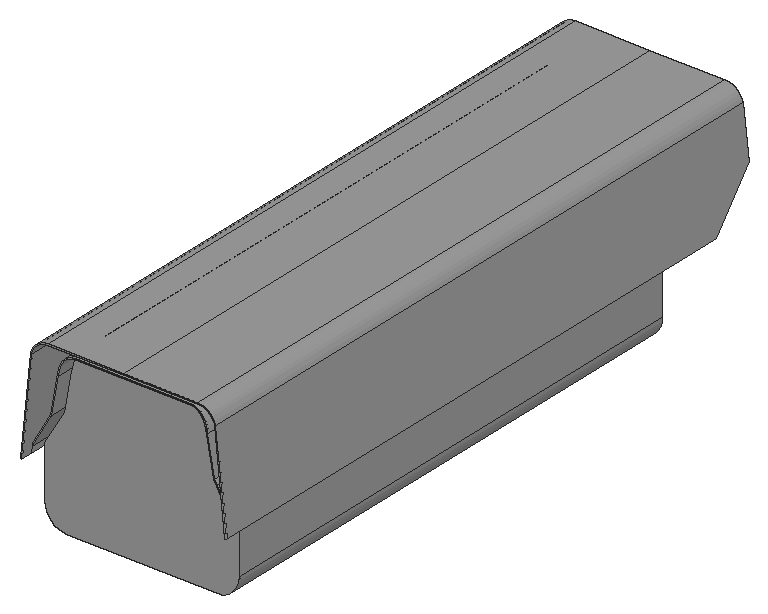
Revit family "SDP-8083", category Оборудование, Revit 2017
Family settings
  Размер круглого соединителя = Использовать диаметр
  Тип детали = Нормальный
  На основе рабочей плоскости = Нет
  Всегда вертикально = Да
  При загрузке вырезать с полостями = Нет
  Общий = Нет
  Точка расчета площади = Нет
Parameters (values of type "SDP-8083 Видеокамера дальнего обзора")
  Широкий динамический диапазон (WDR) = "Есть (120Дб)"
  Чувствительность ч/б, Люкс = "0,001 / F1.2"
  Чувствительность цвет, Люкс = "0,01 / F1.2"
  Формат сжатия = "H.264"
  Фокусное расстояние, мм = "от 15 до 360"
  Угол обзора по горизонтали [instance] = 14.00°
  Трехмерное шумоподавление (DNR) = "Есть (3D)"
  Смещение_УГО_Y [instance] = 0 mm
  Смещение_УГО_X [instance] = 0 mm
  Скорость электронного затвора, с = "1-1/50,000"
  Скорость передачи = "200Кб/сек – 12МБ/сек"
  Режим работы = "непрерывный"
  Режим «День/ночь» = "Механический ИК-фильтр с автопереключением"
  Разрешение матрицы, пикс = "2592х1944"
  Раздел проекта [instance] = ""
  Раздел Спецификации [instance] = ""
  Потребляемая мощность встроенного обогрева, Вт = "30"
  Потребляемая мощность  видеокамеры, Вт = "6 (макс. 9 при включении ИК фильтра)"
  Объектив = "Моторизованный трансфокатор"
  Напряжение электропитания постоянного тока дополнительного обогрева, В = 24 mm
  Напряжение электропитания постоянного тока видеокамеры, В = 12 mm
  Напряжение = "12"
  Мощность = "6"
  Минимальная дальность наблюдения, не менее, м = 50
  Матрица = "1/1,8\" CMOS"
  Диапазон рабочих температур, ºС = "от -40 до +50"
  Диапазон диафрагмы (F-стоп) = "2,7 – 500"
  Дальность распознавание цели типа “человек”, до, м = 8000 mm
  Дальность распознавание цели типа “автомобиль”, до, м = 10000 mm
  Дальность обнаружение цели типа “человек”, до, м = 10000 mm
  Дальность обнаружение цели типа “автомобиль”, до, м = 10000 mm
  Видимость_УГО = yes
  В_Смещение_УГО_Y [instance] = Смещение_УГО_Y + 2000 mm  # 2000 mm
  В_Смещение_УГО_X [instance] = Смещение_УГО_X + 2000 mm  # 2000 mm
  d_короба = 20 mm
  ADSK_Размер_Ширина = 186 mm
  ADSK_Размер_Длина = 586 mm
  ADSK_Размер_Высота = 166 mm
  ADSK_Примечание = ""
  ADSK_Наименование = "Видеокамера дальнего обзора SDP-8083"
  ADSK_Масса = 11
  ADSK_Марка = "СТВФ.426459.037"
  ADSK_Количество = 1
  ADSK_Завод-изготовитель = "ООО «Основа Безопасности»"  # constant formula
  ADSK_Единица измерения = "шт."  # constant formula
  ADSK_URL страницы изделия = "https://stilsoft.ru/products/sdp-8083"
  ADSK_URL документации изделия = ""
Reference planes
  plane 1 "По центру (Вперед/Назад)": y = 0
  plane 2: z = 0
  plane 3 "По центру (Влево/Вправо)": x = 0
  plane 4: y = 2000
  plane 5: x = -2000
  plane 6: x = 0
  plane 7: y = 0
Dimensions and locks
  locked: plane 4 to plane 1 "По центру (Вперед/Назад)" at 2000
  locked: plane 5 to plane 3 "По центру (Влево/Вправо)" at 2000
  "В_Смещение_УГО_X": plane 5 to plane 6
  "В_Смещение_УГО_Y": plane 4 to plane 7
  aligned and locked: level to plane 2
  aligned and locked: plane 6 to nested 1
  aligned and locked: nested 1 to plane 7
Nested families
  nested 1: "УГО_уличная камера" at (0, 0, 0), visible <- "Видимость_УГО", type "УГО_камера", detail levels coarse
  nested 2: "камера" at (0, 0, 0), type "камера", detail levels medium+fine
  nested 3: "Зона действия обнаружения" at (0, 404.229, 85.571) x (1, 0, 0) z (0, 1, 0), Угол по горизонтали <- "Угол обзора по горизонтали", type "Зона действия обнаужения", detail levels medium+fine
    with Угол по горизонтали 14.00°, Угол по вертикали 10.5905°, В_Угол по горизонтали 14.00°, L2 8119.287 mm, L1 100 mm, L 8119.287 mm, Hv1 18.576 mm, Hv 1508.277 mm, Hg1 24.557 mm, H 1508.277 mm, D 1993.846 mm
Connectors
  electrical at (0, 0, -12.392)
    settings: on nested 2, index 1, voltage 0 V, apparent load 0 VA, apparent load phase1 0 VA, apparent load phase2 0 VA, apparent load phase3 0 VA, power factor 1, load classification "Прочее", number of poles 1, system type 31, power factor state 1, is connector primary yes, connector utility no, sub classification motor no, connector description ""
  cabletrayconduit at (0, 0, -12.392), diameter 20, driven by "d_короба"
    settings: on nested 2, index 2, connector width 300 mm, connector height 300 mm, connector angle 0.00°, system type 32, placement type 0, profile type 0, connector reference index -1, is primary connector yes, connector utility param no, connector description ""
Definition of nested family "камера"
  Parameters (values of type "камера")
    ADSK_Размер_Ширина = 186 mm
    ADSK_Размер_Длина = 586 mm
    ADSK_Размер_Высота = 166 mm
  Reference planes
    plane 1 "По центру (Вперед/Назад)": y = 0
    plane 2: z = 0
    plane 3 "По центру (Влево/Вправо)": x = 0
    plane 4: x = 86.5
    plane 5: x = -86.5
    plane 6: z = 166
  Forms (mm)
    Extrusion 1, solid, detail levels medium+fine
      sketch origin (0, 0, 0) x (1, 0, 0) y (0, 0, 1)
        loop
          arc (-86.5, 25) -> (-80.642, 10.858) -> (-66.5, 5) r 20
          line (-66.5, 5) -> (66.5, 5)
          arc (66.5, 5) -> (80.642, 10.858) -> (86.5, 25) r 20
          line (86.5, 25) -> (86.5, 71) -> (69, 101.311) -> (62.922, 135.779)
          spline (62.922, 135.779) -> (62.387, 138.442) -> (61.773, 140.813) -> (61.079, 142.903) -> (60.302, 144.725) -> (59.442, 146.289) -> (58.496, 147.608) -> (57.463, 148.692) -> (56.342, 149.554) -> (55.131, 150.204) -> (53.829, 150.654) -> (52.433, 150.915) -> (50.943, 151)
          line (50.943, 151) -> (-50.943, 151)
          spline (-50.943, 151) -> (-52.433, 150.915) -> (-53.829, 150.654) -> (-55.131, 150.204) -> (-56.342, 149.554) -> (-57.463, 148.692) -> (-58.496, 147.608) -> (-59.442, 146.289) -> (-60.302, 144.725) -> (-61.079, 142.903) -> (-61.773, 140.813) -> (-62.387, 138.442) -> (-62.922, 135.779)
          line (-62.922, 135.779) -> (-69, 101.311) -> (-86.5, 71) -> (-86.5, 25)
      from -410 to 60
    Extrusion 2, solid, detail levels medium+fine
      sketch origin (0, 0, 0) x (1, 0, 0) y (0, 0, 1)
        loop
          spline (51.446, 154.009) -> (53.506, 153.845) -> (55.457, 153.35) -> (57.262, 152.534) -> (58.885, 151.428) -> (60.305, 150.077) -> (61.522, 148.533) -> (62.554, 146.839) -> (63.441, 144.999) -> (64.207, 143.015) -> (64.86, 140.898) -> (65.412, 138.656) -> (65.877, 136.3)
          line (65.877, 136.3) -> (71.863, 102.353) -> (89.098, 72.5) -> (89.655, 66.13) -> (90.659, 66.13) -> (89.964, 73) -> (72.817, 102.7) -> (66.862, 136.474)
          spline (66.862, 136.474) -> (66.388, 138.871) -> (65.82, 141.164) -> (65.148, 143.342) -> (64.359, 145.395) -> (63.437, 147.314) -> (62.345, 149.101) -> (61.044, 150.749) -> (59.515, 152.204) -> (57.752, 153.404) -> (55.787, 154.294) -> (53.668, 154.831) -> (51.446, 155.009)
          line (51.446, 155.009) -> (-51.247, 155.009)
          spline (-51.247, 155.009) -> (-53.002, 154.906) -> (-54.767, 154.578) -> (-56.51, 153.997) -> (-58.194, 153.137) -> (-59.773, 152.003) -> (-61.209, 150.612) -> (-62.486, 148.986) -> (-63.606, 147.132) -> (-64.58, 145.05) -> (-65.417, 142.74) -> (-66.123, 140.187) -> (-66.703, 137.372)
          line (-66.703, 137.372) -> (-72.817, 102.7) -> (-89.964, 73) -> (-90.659, 66.13) -> (-89.655, 66.13) -> (-89.098, 72.5) -> (-71.863, 102.353) -> (-65.886, 136.248)
          spline (-65.886, 136.248) -> (-65.339, 139.167) -> (-64.667, 141.795) -> (-63.87, 144.151) -> (-62.942, 146.252) -> (-61.878, 148.104) -> (-60.672, 149.713) -> (-59.322, 151.077) -> (-57.839, 152.183) -> (-56.254, 153.02) -> (-54.606, 153.588) -> (-52.927, 153.908) -> (-51.247, 154.009)
          line (-51.247, 154.009) -> (51.446, 154.009)
      from -463.186 to 70.18
    Extrusion 3, solid, detail levels medium+fine
      sketch origin (0, 0, 0) x (1, 0, 0) y (0, 0, 1)
        loop
          line (-90.659, 66.13) -> (-81.494, 153.328)
          arc (-81.494, 153.328) -> (-76.001, 161.738) -> (-66.5, 165) r 15.467
          line (-66.5, 165) -> (0, 165) -> (66.5, 165)
          arc (66.5, 165) -> (76.001, 161.738) -> (81.494, 153.328) r 15.467
          line (81.494, 153.328) -> (90.659, 66.13) -> (91.665, 66.13) -> (82.489, 153.433)
          arc (82.489, 153.433) -> (76.668, 162.482) -> (66.5, 166) r 16.455
          line (66.5, 166) -> (0, 166) -> (-66.5, 166)
          arc (-66.5, 166) -> (-76.668, 162.482) -> (-82.489, 153.433) r 16.455
          line (-82.489, 153.433) -> (-91.665, 66.13) -> (-90.659, 66.13)
      from -505 to 81
    Extrusion 4, void
      sketch origin (0, 0, 0) x (0, 1, 0) y (0, 0, 1)
        loop
          line (463.186, 66.13) -> (460, 47.944) -> (525, 47.944) -> (525, 107.944) -> (505, 107.944) -> (463.186, 66.13)
      from -93 to 93
    Extrusion 5, void
      sketch origin (0, 0, 0) x (1, 0, 0) y (0, 0, 1)
        loop
          arc (-50, 30) -> (-48.536, 26.464) -> (-45, 25) r 5
          line (-45, 25) -> (45, 25)
          arc (45, 25) -> (48.536, 26.464) -> (50, 30) r 5
          line (50, 30) -> (50, 110)
          arc (50, 110) -> (48.536, 113.536) -> (45, 115) r 5
          line (45, 115) -> (-45, 115)
          arc (-45, 115) -> (-48.536, 113.536) -> (-50, 110) r 5
          line (-50, 110) -> (-50, 30)
      from -410 to -402.109
    Extrusion 6, solid, detail levels medium+fine
      sketch origin (0, 410, 0) x (-1, 0, 0) y (0, 0, 1)
        loop
          line (45, 115) -> (-45, 115)
          arc (-45, 115) -> (-48.536, 113.536) -> (-50, 110) r 5
          line (-50, 110) -> (-50, 30)
          arc (-50, 30) -> (-48.536, 26.464) -> (-45, 25) r 5
          line (-45, 25) -> (45, 25)
          arc (45, 25) -> (48.536, 26.464) -> (50, 30) r 5
          line (50, 30) -> (50, 110)
          arc (50, 110) -> (48.536, 113.536) -> (45, 115) r 5
      from -7.891 to -5.771
    Extrusion 7, solid, detail levels medium+fine
      sketch origin (0, 0, 0) x (1, 0, 0) y (0, 1, 0)
        loop
          circle (0, 0) r 20
      from -12.392 to 0
    Extrusion 8, solid, detail levels medium+fine
      sketch origin (0, 0, 0) x (1, 0, 0) y (0, 0, 1)
        loop
          line (0, 0) -> (55, 0) -> (58.536, 3.536) -> (58.536, 5) -> (0, 5) -> (-58.536, 5) -> (-58.536, 3.536) -> (-55, 0) -> (0, 0)
      from -397.449 to 52.567
  Cuts and joins
    Extrusion 4 cuts Extrusion 3
    Extrusion 5 cuts Extrusion 1
  Dimensions and locks
    aligned and locked: level to plane 2
Definition of nested family "УГО_уличная камера"
  Reference planes
    plane 1: y = 0
    plane 2: x = 0
  Lines and regions (mm)
    detail lines
      curve 1: line (4, -1.181, 0) -> (-3.962, -1.181, 0)
      curve 2: line (4, -16.181, 0) -> (4, -1.181, 0)
      curve 3: line (-3.962, -16.181, 0) -> (4, -16.181, 0)
      curve 4: line (-3.962, -1.181, 0) -> (-3.962, -16.181, 0)
      curve 5: line (0.019, -16.181, 0) -> (4.079, -20.241, 0)
      curve 6: line (4.079, -20.241, 0) -> (-3.962, -20.241, 0)
      curve 7: line (-3.962, -20.241, 0) -> (0.098, -16.181, 0)
      curve 8: line (-5, 0, 0) -> (5, 0, 0)
      curve 9: line (5, 0, 0) -> (5, -16.181, 0)
      curve 10: line (-5, 0, 0) -> (-5, -16.181, 0)
    detail lines, not visible
      curve 11: line (4, -1.181, 0) -> (-3.962, -1.181, 0)
      curve 12: line (4, -16.181, 0) -> (4, -1.181, 0)
      curve 13: line (-3.962, -16.181, 0) -> (4, -16.181, 0)
      curve 14: line (-3.962, -1.181, 0) -> (-3.962, -16.181, 0)
      curve 15: line (0.019, -16.181, 0) -> (4.079, -20.241, 0)
      curve 16: line (4.079, -20.241, 0) -> (-3.962, -20.241, 0)
      curve 17: line (-3.962, -20.241, 0) -> (0.098, -16.181, 0)
      curve 18: line (-5, 0, 0) -> (5, 0, 0)
      curve 19: line (5, 0, 0) -> (5, -16.181, 0)
      curve 20: line (-5, 0, 0) -> (-5, -16.181, 0)
Definition of nested family "Зона действия обнаружения"
  Parameters (values of type "Зона действия обнаужения")
    Угол по горизонтали [instance] = 14.00°
    Угол по вертикали [instance] = ((Угол по горизонтали - Ug_min) * (Uv_max - Uv_min)) / (Ug_max - Ug_min) + Uv_min  # 10.5905°
    Default Elevation = 1219.2 mm
    М_ш = 7.2 mm  # constant formula
    В_Угол по горизонтали [instance] = if(and(Угол по горизонтали > 1.01°, not(Угол по горизонтали > 14.01°)), Угол по горизонтали, 1.00°)  # 14.00°
    Uv_min = 2.30°  # constant formula
    Uv_max = 32.80°  # constant formula
    Ug_min = 3.10°  # constant formula
    Ug_max = 43.20°  # constant formula
    Rv = 1944  # constant formula
    R = 2592  # constant formula
    L2 [instance] = D / 2 / tan(Угол по горизонтали / 2)  # 8119.287 mm
    L1 [instance] = 100 mm
    L [instance] = L2  # 8119.287 mm
    K = 1300
    Hv1 [instance] = L1 / L2 * Hv  # 18.576 mm
    Hv [instance] = D * Угол по вертикали / Угол по горизонтали  # 1508.277 mm
    Hg1 [instance] = L1 / L2 * D  # 24.557 mm
    H [instance] = Hv  # 1508.277 mm
    F_min = 15 mm  # constant formula
    F_max = 360 mm  # constant formula
    F = 50 mm
    D [instance] = R / K * 1000 mm  # 1993.846 mm
  Reference planes
    plane 1 "По центру (Вперед/Назад)": y = 0
    plane 2: z = 0
    plane 3 "По центру (Влево/Вправо)": x = 0
    plane 4 "L1": z = 100
  Forms (mm)
    Blend 1, void, detail levels medium+fine
      base sketch origin (0, 0, 0) x (1, 0, 0) y (0, 1, 0)
        loop
          line (-12.278, 9.288) -> (-12.278, -9.288) -> (12.278, -9.288) -> (12.278, 9.288) -> (-12.278, 9.288)
      top sketch origin (0, 0, 0) x (1, 0, 0) y (0, 1, 0)
        loop
          line (-996.923, 754.138) -> (-996.923, -754.138) -> (996.923, -754.138) -> (996.923, 754.138) -> (-996.923, 754.138)
      from 100 to 8119.287
  Lines and regions (mm)
    model lines, detail levels medium+fine
      curve 1: line (996.923, 754.138, 8119.287) -> (-996.923, 754.138, 8119.287)
      curve 2: line (-996.923, 754.138, 8119.287) -> (-996.923, -754.138, 8119.287)
      curve 3: line (-996.923, -754.138, 8119.287) -> (996.923, -754.138, 8119.287)
      curve 4: line (996.923, -754.138, 8119.287) -> (996.923, 754.138, 8119.287)
      curve 5: line (-996.923, -754.138, 8119.287) -> (-12.278, -9.288, 100)
      curve 7: line (-12.278, 9.288, 100) -> (-996.923, 754.138, 8119.287)
      curve 8: line (996.923, 754.138, 8119.287) -> (12.278, 9.288, 100)
      curve 10: line (12.278, -9.288, 100) -> (996.923, -754.138, 8119.287)
    model lines
      curve 6: line (-12.278, -9.288, 100) -> (-12.278, 9.288, 100)
      curve 9: line (12.278, 9.288, 100) -> (12.278, -9.288, 100)
  Dimensions and locks
    "L1": plane 4 "L1" to level
    equal spacing: Blend 1 sketch curve, plane 3 "По центру (Влево/Вправо)", Blend 1 sketch curve  (x2)
    equal spacing: Blend 1 sketch curve, plane 1 "По центру (Вперед/Назад)", Blend 1 sketch curve  (x2)
    "H": Blend 1 sketch curve to Blend 1 sketch curve
    "D": Blend 1 sketch curve to Blend 1 sketch curve
    "Hg1": Blend 1 sketch curve to Blend 1 sketch curve
    "Hv1": Blend 1 sketch curve to Blend 1 sketch curve
    "L": Blend 1 to plane 2
    aligned and locked: level to plane 2
    aligned and locked: Blend 1 to curve 1
    aligned and locked: Blend 1 to curve 3
    aligned and locked: Blend 1 to curve 2
    aligned and locked: Blend 1 to curve 4
  Automatic sketch dimensions
    curve 1 to Blend 1 = 0 mm  (x2)
    curve 3 to Blend 1 = 0 mm
    curve 2 to Blend 1 = 0 mm
    Blend 1 to curve 5 = 0 mm
    curve 5 to Blend 1 = 0 mm  (x3)
    Blend 1 to curve 7 = 0 mm
    curve 7 to Blend 1 = 0 mm  (x2)
    curve 8 to Blend 1 = 0 mm  (x2)
    curve 10 to Blend 1 = 0 mm  (x3)
    curve 9 to Blend 1 = 0 mm
    Blend 1 to curve 8 = 0 mm
